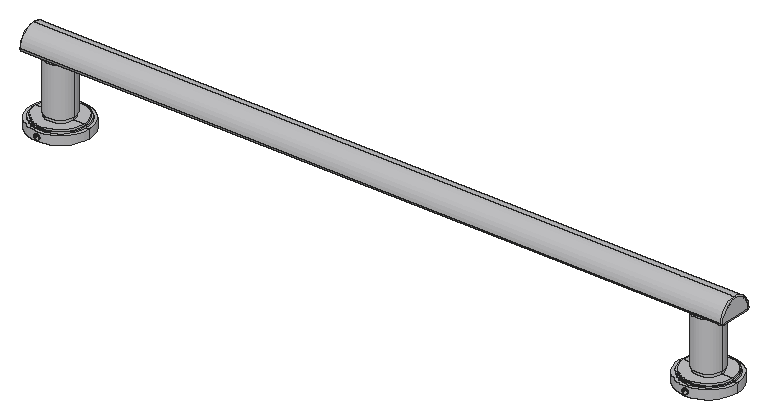
Revit family "Accessory-Towel_Bar-KALLISTA-Vir_Stil-P80262_1", category Specialty Equipment, host Face, Revit 2021
Family settings
  Host = Face
  Round Connector Dimension = Use Diameter
  Part Type = Normal
  OmniClass Number = 23.31.25.00
  OmniClass Title = Toilet and Bath Specialties
  Cut with Voids When Loaded = No
  Shared = No
  Room Calculation Point = No
Parameters (values of type "CP-Chrome")
  Width = 3 37/256"  # constant formula
  WaterSense Certified = 1 = 0  # no
  URL = "https://www.kallista.com/"
  Type = 1
  Product Page URL = ""
  Product Name = "Vir Stil"  # constant formula
  Product Documentation Link = ""
  Model = if(Type = 1, "P80262-00-CP", if(Type = 2, "P80262-00-SN", if(Type = 3, "P80262-00-BAF", if(Type = 4, "P80262-00-BN", "NA"))))  # "P80262-00-CP"
  Material = "Premium Metal Construction"  # constant formula
  Master Format 2014 Name = "Toilet, Bath, and Laundry Accessories"  # constant formula
  Master Format 2014 = "10 28 00"  # constant formula
  Manufacturer Address = "444 Highland Dr, Kohler, WI 53044"  # constant formula
  Manufacturer = "Kallista Co."  # constant formula
  Length = 26 21/128"  # constant formula
  Height = 2 21/128"  # constant formula
  Finish = Kallista-Metal-CP-Chrome
  Environmental Product Declaration = ""
  Description = "Towel Bar 24 Inch Minimal"  # constant formula
  Default Elevation = 42"
  Declare Label = ""
  Date Modified = "09/14/2023"  # constant formula
  Date Created = "09/14/2023"  # constant formula
  Copyright = "Copyright Kallista Co."  # constant formula
  Contact Us = "https://www.kallista.com/corporate/contact-us/"
  Assembly Code = "C1030200"
  ADA Compliant = 1 = 0  # no
Types (5): name | Type | Model | Finish
  (no name) | 1 | "P80262-00-CP" | Kallista-Metal-CP-Chrome
  CP-Chrome | 1 | "P80262-00-CP" | Kallista-Metal-CP-Chrome
  SN-Polished Nickel | 2 | "P80262-00-SN" | Kallista-Metal-SN-Polished_Nickel
  BAF-Brushed French Gold | 3 | "P80262-00-BAF" | Kallista-Metal-BAF-Brushed_French_Gold
  BN-Brushed Nickel | 4 | "P80262-00-BN" | Kallista-Metal-BN-Brushed_Nickel
Reference planes (in)
  plane 1 "Center (Front/Back)": y = 0
  plane 2: z = 0
  plane 3 "Center (Left/Right)": x = 0
  plane 4: y = 1.08268
  plane 5: y = -1.08139
  plane 6: y = 0.62598
  plane 7: y = -0.62598
  plane 8: x = -10.91732
  plane 9: x = -13.08268
  plane 10: x = 13.08139
  plane 11: x = 10.91603
  plane 12: x = -13
  plane 13: x = 13
  plane 14: z = 3.14453
  plane 15: x = 12
  plane 16: x = -12
  plane 17: x = 12.5315
  plane 18: x = 11.4685
  plane 19: x = -11.4685
  plane 20: x = -12.5315
  plane 21: z = 2.43981
Dimensions and locks (in)
  plane 9 to plane 8 = 2.16535"  (x2)
  plane 4 to plane 5 = 2 21/128"
  plane 6 to plane 7 = 1.25197"  (x2)
  plane 9 to plane 10 = 26 21/128"
  plane 12 to plane 13 = 26"
  "Length": plane 9 to plane 10
  plane 18 to plane 17 = 1.06299"
  plane 20 to plane 19 = 1.06299"
  plane 21 to plane 14 = 0.70472"  (x2)
  "Width": level to plane 14
  plane 11 to plane 10 = 2.16535"
  "Height": plane 4 to plane 5
  plane 14 to level = 3 37/256"
  aligned and locked: plane 2 to host face
  aligned and locked: level to host face
Automatic sketch dimensions
  host sketch curve to host sketch curve = 96"  (x2)
Nested families (in)
  nested 1: "P80262" at (0, 0, 0), type "P80262"
Definition of nested family "P80262"
  Parameters
    Material = none
    Default Elevation = 0"
  Reference planes (in)
    plane 1 "Center (Front/Back)": y = 0
    plane 2: z = 0
    plane 3 "Center (Left/Right)": x = 0
    plane 4: x = -12
    plane 5: x = 12
    plane 6: x = -13
    plane 7: x = 13
    plane 8: y = 0.62598
    plane 9: y = -0.62598
    plane 10: x = -13.08268
    plane 11: x = 13.08268
    plane 12: z = 3.14567
    plane 13: x = 11.4685
    plane 14: x = 12.5315
    plane 15: x = -12.5315
    plane 16: x = -11.4685
    plane 17: y = 1.08268
    plane 18: y = -1.08268
    plane 19: x = -10.91732
    plane 20: x = 10.91732
    plane 21: y = 0.5315
    plane 22: y = -0.5315
    plane 23: z = 2.44094
  Forms (in)
    Revolve 1, solid, material <- "Material", detail levels medium+fine
      sketch origin (0, 0, 0) x (1, 0, 0) y (0, 0, 1)
        loop
          line (-12.89849, 0.41339) -> (-12.89849, 0.3622) -> (-12.96067, 0.3622) -> (-12.96067, 0.31495) -> (-13.08268, 0.31495) -> (-13.08268, 0) -> (-12, 0) -> (-12, 2.4428) -> (-12.37402, 2.4428) -> (-12.37402, 2.38189) -> (-12.49213, 2.38189) -> (-12.49213, 2.32283) -> (-12.5315, 2.32283) -> (-12.5315, 0.5315) -> (-12.49213, 0.5315) -> (-12.49213, 0.41339) -> (-12.89849, 0.41339)
        axis (-12, 0) -> (-12, 2.4428)
      angle from 0 to 360
    Revolve 2, solid, material <- "Material", detail levels medium+fine
      sketch origin (0, 0, 0) x (-1, 0, 0) y (0, 0, -1)
        loop
          line (-12.89849, -0.41339) -> (-12.49213, -0.41339) -> (-12.49213, -0.5315) -> (-12.5315, -0.5315) -> (-12.5315, -2.32283) -> (-12.49213, -2.32283) -> (-12.49213, -2.38189) -> (-12.37402, -2.38189) -> (-12.37402, -2.44334) -> (-12, -2.44334) -> (-12, 0) -> (-13.08268, 0) -> (-13.08268, -0.31495) -> (-12.96067, -0.31495) -> (-12.96067, -0.3622) -> (-12.89849, -0.3622) -> (-12.89849, -0.41339)
        axis (-12, 0) -> (-12, -2.44334)
      angle from 0 to 360
    Sweep 3, solid, material <- "Material", detail levels medium+fine
      path origin (0, 0, 0) x (0, 1, 0) y (0, 0, 1)
        loop
          arc (0.625, 2.52094) -> (0.44194, 2.96289) -> (0, 3.14594) r 0.625
          arc (0, 3.14594) -> (-0.44194, 2.96289) -> (-0.625, 2.52094) r 0.625
          arc (-0.625, 2.52094) -> (-0.60157, 2.46438) -> (-0.545, 2.44094) r 0.08
          line (-0.545, 2.44094) -> (0.545, 2.44094)
          arc (0.545, 2.44094) -> (0.60157, 2.46438) -> (0.625, 2.52094) r 0.08
      profile origin (0, 0, 3.14594) x (0, 0, 1) y (1, 0, 0)
        loop
          arc (-0.04155, -12.99994) -> (-0.01371, -12.98841) -> (-0.00218, -12.96057) r 0.03937
          line (-0.00218, -12.96057) -> (-0.00218, 12.96061)
          arc (-0.00218, 12.96061) -> (-0.01372, 12.98847) -> (-0.04158, 13.00001) r 0.0394
          line (-0.04158, 13.00001) -> (-0.07355, 13.00001) -> (-0.07355, -12.99994) -> (-0.04155, -12.99994)
    Extrusion 4, solid, material <- "Material", detail levels medium+fine
      sketch origin (0, 0, 0) x (0, 1, 0) y (0, 0, 1)
        loop
          arc (-0.5593, 2.5265) -> (-0.5536, 2.51246) -> (-0.53961, 2.50662) r 0.01969
          line (-0.53961, 2.50662) -> (0.53961, 2.50662)
          arc (0.53961, 2.50662) -> (0.5536, 2.51246) -> (0.5593, 2.5265) r 0.01969
          arc (0.5593, 2.5265) -> (0.39353, 2.91841) -> (0, 3.08027) r 0.55932
          arc (0, 3.08027) -> (-0.39353, 2.91841) -> (-0.5593, 2.5265) r 0.55932
      from -12.99994 to 13.00001
    Extrusion 5, solid, detail levels medium+fine
      sketch origin (0, 0, 0) x (1, 0, 0) y (0, 0, 1)
        loop
          circle (-12, 0.1378) r 0.09843
        loop
          line (-11.9793, 0.17787) -> (-12.02435, 0.17576) -> (-12.04506, 0.13569) -> (-12.0207, 0.09772) -> (-11.97565, 0.09983) -> (-11.95494, 0.1399) -> (-11.9793, 0.17787)
      from 1.026 to 1.08609
    Extrusion 6, void
      sketch origin (0, 0, 0) x (1, 0, 0) y (0, 0, 1)
        loop
          circle (-12, 0.1378) r 0.08659
      from 1.026 to 1.09739
    Extrusion 7, solid, detail levels medium+fine
      sketch origin (0, 0, 0) x (-1, 0, 0) y (0, 0, -1)
        loop
          circle (-12, -0.1378) r 0.09843
        loop
          line (-11.9793, -0.17787) -> (-11.95494, -0.1399) -> (-11.97565, -0.09983) -> (-12.0207, -0.09772) -> (-12.04506, -0.13569) -> (-12.02435, -0.17576) -> (-11.9793, -0.17787)
      from 1.026 to 1.08609
    Extrusion 8, void
      sketch origin (0, 0, 0) x (-1, 0, 0) y (0, 0, -1)
        loop
          circle (-12, -0.1378) r 0.08659
      from 1.026 to 1.09739
    Extrusion 9, solid, material <- "Material", detail levels coarse
      sketch origin (0, 0, 0) x (1, 0, 0) y (0, 1, 0)
        loop
          circle (-11.99728, -0.00068) r 1.08623
      from 0 to 0.41339
    Extrusion 10, solid, material <- "Material", detail levels coarse
      sketch origin (0, 0, 0) x (1, 0, 0) y (0, 1, 0)
        loop
          circle (-12.01065, -0.0022) r 0.53358
      from 0.41339 to 2.44094
    Extrusion 11, solid, material <- "Material", detail levels coarse
      sketch origin (0, 0, 0) x (0, 1, 0) y (0, 0, 1)
        loop
          arc (-0.625, 2.52094) -> (-0.60157, 2.46438) -> (-0.545, 2.44094) r 0.08
          line (-0.545, 2.44094) -> (0.545, 2.44094)
          arc (0.545, 2.44094) -> (0.60157, 2.46438) -> (0.625, 2.52094) r 0.08
          arc (0.625, 2.52094) -> (0, 3.14594) -> (-0.625, 2.52094) r 0.625
      from -13.00201 to 13.00046
    Extrusion 12, solid, material <- "Material", detail levels coarse
      sketch origin (0, 0, 0) x (-1, 0, 0) y (0, -1, 0)
        loop
          circle (-11.99728, 0.00068) r 1.08623
      from 0 to 0.41339
    Extrusion 13, solid, material <- "Material", detail levels coarse
      sketch origin (0, 0, 0) x (-1, 0, 0) y (0, -1, 0)
        loop
          circle (-12.01065, 0.0022) r 0.53358
      from 0.41339 to 2.44094
  Cuts and joins
    Extrusion 6, Extrusion 8 cuts Revolve 1
    Extrusion 8 cuts Revolve 2
    Extrusion 8 cuts Sweep 3
    Extrusion 8 cuts Extrusion 4
    joined: Revolve 1, Revolve 2, Sweep 3, Extrusion 4
    Extrusion 8 cuts Extrusion 5
    joined: Extrusion 9, Extrusion 10, Extrusion 11, Extrusion 12, Extrusion 13
  Lines and regions (in)
    Masking region 1
      outline origin (0, 0, 0) x (1, 0, 0) y (0, 1, 0)
        loop
          arc (-11.11664, 0.62598) -> (-12, 1.08268) -> (-12.88336, 0.62598) r 1.08268
          line (-12.88336, 0.62598) -> (-12.95639, 0.62598)
          arc (-12.95639, 0.62598) -> (-12.98723, 0.61321) -> (-13, 0.58238) r 0.04361
          line (-13, 0.58238) -> (-13, 0.41496)
          arc (-13, 0.41496) -> (-13.08268, 0) -> (-13, -0.41496) r 1.08268
          line (-13, -0.41496) -> (-13, -0.58229)
          arc (-13, -0.58229) -> (-12.9872, -0.61319) -> (-12.95631, -0.62598) r 0.04369
          line (-12.95631, -0.62598) -> (-12.88336, -0.62598)
          arc (-12.88336, -0.62598) -> (-12, -1.08268) -> (-11.11664, -0.62598) r 1.08268
          line (-11.11664, -0.62598) -> (11.11664, -0.62598)
          arc (11.11664, -0.62598) -> (12, -1.08268) -> (12.88336, -0.62598) r 1.08268
          line (12.88336, -0.62598) -> (12.95734, -0.62598)
          arc (12.95734, -0.62598) -> (12.9875, -0.61349) -> (13, -0.58332) r 0.04266
          line (13, -0.58332) -> (13, -0.41496)
          arc (13, -0.41496) -> (13.08268, 0) -> (13, 0.41496) r 1.08268
          line (13, 0.41496) -> (13, 0.58349)
          arc (13, 0.58349) -> (12.98755, 0.61354) -> (12.9575, 0.62598) r 0.0425
          line (12.9575, 0.62598) -> (12.88336, 0.62598)
          arc (12.88336, 0.62598) -> (12, 1.08268) -> (11.11664, 0.62598) r 1.08268
          line (11.11664, 0.62598) -> (-11.11664, 0.62598)
    Masking region 2
      outline origin (0, 0, 0) x (1, 0, 0) y (0, 0, 1)
        loop
          line (12.95518, 3.14567) -> (-12.95978, 3.14567)
          arc (-12.95978, 3.14567) -> (-12.98822, 3.13389) -> (-13, 3.10545) r 0.04022
          line (-13, 3.10545) -> (-13, 2.48219)
          arc (-13, 2.48219) -> (-12.98792, 2.45302) -> (-12.95876, 2.44094) r 0.04124
          line (-12.95876, 2.44094) -> (-12.37402, 2.44094) -> (-12.37402, 2.38189) -> (-12.49213, 2.38189) -> (-12.49213, 2.32283) -> (-12.5315, 2.32283) -> (-12.5315, 0.5315) -> (-12.49213, 0.5315) -> (-12.49213, 0.41339) -> (-12.89849, 0.41339) -> (-12.89849, 0.3622) -> (-12.96067, 0.3622) -> (-12.96067, 0.31495) -> (-13.08268, 0.31495) -> (-13.08268, 0) -> (-10.91732, 0) -> (-10.91732, 0.31495) -> (-11.03933, 0.31495) -> (-11.03933, 0.3622) -> (-11.10151, 0.3622) -> (-11.10151, 0.41339) -> (-11.50787, 0.41339) -> (-11.50787, 0.5315) -> (-11.4685, 0.5315) -> (-11.4685, 2.32283) -> (-11.50787, 2.32283) -> (-11.50787, 2.38189) -> (-11.62598, 2.38189) -> (-11.62598, 2.44094) -> (11.62598, 2.44094) -> (11.62598, 2.38189) -> (11.50787, 2.38189) -> (11.50787, 2.32283) -> (11.4685, 2.32283) -> (11.4685, 0.5315) -> (11.50787, 0.5315) -> (11.50787, 0.41339) -> (11.10151, 0.41339) -> (11.10151, 0.3622) -> (11.03933, 0.3622) -> (11.03933, 0.31495) -> (10.91732, 0.31495) -> (10.91732, 0) -> (13.08268, 0) -> (13.08268, 0.31495) -> (12.96067, 0.31495) -> (12.96067, 0.3622) -> (12.89849, 0.3622) -> (12.89849, 0.41339) -> (12.49213, 0.41339) -> (12.49213, 0.5315) -> (12.5315, 0.5315) -> (12.5315, 2.32283) -> (12.49213, 2.32283) -> (12.49213, 2.38189) -> (12.37402, 2.38189) -> (12.37402, 2.44094) -> (12.958, 2.44094)
          arc (12.958, 2.44094) -> (12.9877, 2.45325) -> (13, 2.48295) r 0.042
          line (13, 2.48295) -> (13, 3.10085)
          arc (13, 3.10085) -> (12.98687, 3.13254) -> (12.95518, 3.14567) r 0.04482
    Masking region 3
      outline origin (0, 0, 0) x (0, 1, 0) y (0, 0, 1)
        loop
          line (1.08268, 0.31495) -> (0.96067, 0.31495) -> (0.96067, 0.3622) -> (0.90157, 0.3622) -> (0.90157, 0.41339) -> (0.49213, 0.41339) -> (0.49213, 0.5315) -> (0.5315, 0.5315) -> (0.5315, 2.32283) -> (0.49213, 2.32283) -> (0.49213, 2.38189) -> (0.37402, 2.38189) -> (0.37402, 2.44094) -> (0.54839, 2.44094)
          arc (0.54839, 2.44094) -> (0.60239, 2.46321) -> (0.62499, 2.51707) r 0.0766
          arc (0.62499, 2.51707) -> (0, 3.14594) -> (-0.62499, 2.51707) r 0.625
          arc (-0.62499, 2.51707) -> (-0.60239, 2.46321) -> (-0.54839, 2.44094) r 0.0766
          line (-0.54839, 2.44094) -> (-0.37402, 2.44094) -> (-0.37402, 2.38189) -> (-0.49213, 2.38189) -> (-0.49213, 2.32283) -> (-0.5315, 2.32283) -> (-0.5315, 0.5315) -> (-0.49213, 0.5315) -> (-0.49213, 0.41339) -> (-0.90157, 0.41339) -> (-0.90157, 0.3622) -> (-0.96067, 0.3622) -> (-0.96067, 0.31495) -> (-1.08268, 0.31495) -> (-1.08268, 0) -> (1.08268, 0) -> (1.08268, 0.31495)
    symbolic lines, detail levels medium+fine
      curve 1: line (-11.11664, 0.62598, 0) -> (-12.88336, 0.62598, 0)
      curve 2: line (-11.11664, -0.62598, 0) -> (-12.88336, -0.62598, 0)
      curve 3: line (-13, 0.41496, 0) -> (-13, -0.41496, 0)
      curve 4: line (-12.95631, -0.62598, 0) -> (-12.95631, 0.62598, 0)
      curve 5: line (-12.5, 0.62598, 0) -> (-12.5, -0.62598, 0)
      curve 6: line (11.11664, 0.62598, 0) -> (12.88336, 0.62598, 0)
      curve 7: line (11.11664, -0.62598, 0) -> (12.88336, -0.62598, 0)
      curve 8: line (12.5, 0.62598, 0) -> (12.5, -0.62598, 0)
      curve 9: line (12.9575, 0.62598, 0) -> (12.9575, -0.62406, 0)
      curve 10: arc (-13, 0.20788, 0) -> (-13.02138, 0, 0) -> (-13, -0.20788, 0) r 1.02138
      curve 11: arc (-11.27363, 0.62598, 0) -> (-12, 0.95889, 0) -> (-12.72637, 0.62598, 0) r 0.95889
      curve 12: arc (-11.35484, 0.62598, 0) -> (-12, 0.89894, 0) -> (-12.64516, 0.62598, 0) r 0.89894
      curve 13: arc (-12.80707, -0.62598, 0) -> (-12, -1.02138, 0) -> (-11.19293, -0.62598, 0) r 1.02138
      curve 14: arc (-12.72637, -0.62598, 0) -> (-12, -0.95889, 0) -> (-11.27363, -0.62598, 0) r 0.95889
      curve 15: arc (-12.64516, -0.62598, 0) -> (-12, -0.89894, 0) -> (-11.35484, -0.62598, 0) r 0.89894
      curve 16: arc (-12.80707, 0.62598, 0) -> (-12, 1.02138, 0) -> (-11.19293, 0.62598, 0) r 1.02138
      curve 17: arc (13, 0.20788, 0) -> (13.02138, 0, 0) -> (13, -0.20788, 0) r 1.02138
      curve 18: arc (11.27363, 0.62598, 0) -> (12, 0.95889, 0) -> (12.72637, 0.62598, 0) r 0.95889
      curve 19: arc (11.35484, 0.62598, 0) -> (12, 0.89894, 0) -> (12.64516, 0.62598, 0) r 0.89894
      curve 20: arc (12.80707, -0.62598, 0) -> (12, -1.02138, 0) -> (11.19293, -0.62598, 0) r 1.02138
      curve 21: arc (12.72637, -0.62598, 0) -> (12, -0.95889, 0) -> (11.27363, -0.62598, 0) r 0.95889
      curve 22: arc (12.64516, -0.62598, 0) -> (12, -0.89894, 0) -> (11.35484, -0.62598, 0) r 0.89894
      curve 23: arc (12.80707, 0.62598, 0) -> (12, 1.02138, 0) -> (11.19293, 0.62598, 0) r 1.02138
      curve 24: line (13, 0.41496, 0) -> (13, -0.41496, 0)
      curve 25: line (12.37402, 0, 2.44094) -> (11.62598, 0, 2.44094)
      curve 26: line (12.37402, 0, 2.38189) -> (11.62598, 0, 2.38189)
      curve 27: line (12.49213, 0, 2.32283) -> (11.50787, 0, 2.32283)
      curve 28: line (12.49213, 0, 0.5315) -> (11.50787, 0, 0.5315)
      curve 29: line (12.49213, 0, 0.41339) -> (11.50787, 0, 0.41339)
      curve 30: line (12.89849, 0, 0.3622) -> (11.10151, 0, 0.3622)
      curve 31: line (12.96067, 0, 0.31495) -> (11.03933, 0, 0.31495)
      curve 32: line (12.95518, 0, 3.14567) -> (12.95518, 0, 2.44094)
      curve 33: line (12.5, 0, 2.44094) -> (12.5, 0, 3.14567)
      curve 34: line (-11.03933, 0, 0.31495) -> (-12.96067, 0, 0.31495)
      curve 35: line (-11.10151, 0, 0.3622) -> (-12.89849, 0, 0.3622)
      curve 36: line (-11.50787, 0, 0.41339) -> (-12.49213, 0, 0.41339)
      curve 37: line (-11.50787, 0, 0.5315) -> (-12.49213, 0, 0.5315)
      curve 38: line (-11.50787, 0, 2.32283) -> (-12.49213, 0, 2.32283)
      curve 39: line (-11.62598, 0, 2.38189) -> (-12.37402, 0, 2.38189)
      curve 40: line (-11.62598, 0, 2.44094) -> (-12.37402, 0, 2.44094)
      curve 41: line (-12.5, 0, 2.44094) -> (-12.5, 0, 3.14567)
      curve 42: line (-12.95876, 0, 2.44094) -> (-12.95876, 0, 3.14351)
      curve 43: line (13, 0, 2.52094) -> (-13, 0, 2.52094)
      curve 44: line (0, 0.49213, 2.32283) -> (0, -0.49213, 2.32283)
      curve 45: line (0, 0.37402, 2.38189) -> (0, -0.37402, 2.38189)
      curve 46: line (0, 0.37402, 2.44094) -> (0, -0.37402, 2.44094)
      curve 47: line (0, 0.49213, 0.5315) -> (0, -0.49213, 0.5315)
      curve 48: line (0, 0.49213, 0.41339) -> (0, -0.49213, 0.41339)
      curve 49: line (0, 0.90157, 0.3622) -> (0, -0.90157, 0.3622)
      curve 50: line (0, 0.96067, 0.31495) -> (0, -0.96067, 0.31495)
      curve 51: line (0, 0.54358, 2.48272) -> (0, -0.5435, 2.48272)
      curve 52: arc (0, -0.58169, 2.52091) -> (0, 0.00004, 3.10264) -> (0, 0.58169, 2.52082) r 0.58169
      curve 53: arc (0, 0.58169, 2.52082) -> (0, 0.57053, 2.49388) -> (0, 0.54358, 2.48272) r 0.03811
      curve 54: arc (0, -0.5435, 2.48272) -> (0, -0.57051, 2.49391) -> (0, -0.58169, 2.52091) r 0.03819
  Dimensions and locks (in)
    plane 5 to plane 4 = 24"
    plane 7 to plane 6 = 26"
    plane 9 to plane 8 = 1.25197"
    plane 6 to plane 7 = 26"
    plane 10 to plane 11 = 26.16535"
    plane 12 to level = 3.14567"  (x2)
    plane 14 to plane 13 = 1.06299"
    plane 16 to plane 15 = 1.06299"
    plane 10 to plane 19 = 2.16535"  (x2)
    plane 18 to plane 17 = 2.16535"  (x2)
    plane 20 to plane 11 = 2.16535"  (x2)
    plane 17 to plane 18 = 2.16535"
    plane 21 to plane 22 = 1.06299"
    plane 12 to plane 23 = 0.70472"
    aligned and locked: plane 2 to level
